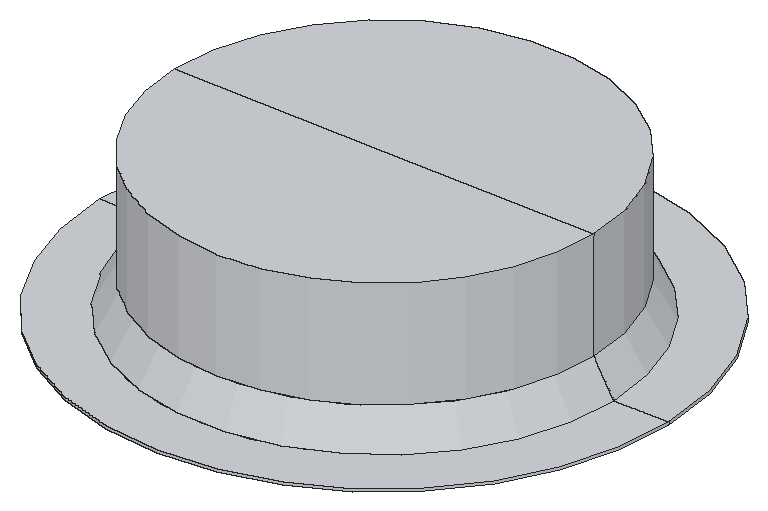
Revit family "Alcon-14008-6-Revit-Family", category Lighting Fixtures, host Ceiling, Revit 2021
Family settings
  Host = Ceiling
  Round Connector Dimension = Use Diameter
  Part Type = Normal
  OmniClass Number = 23.80.70.11
  OmniClass Title = Luminaries for Internal Lighting
  Always vertical = Yes
  Cut with Voids When Loaded = No
  Light Source = Yes
  Shared = No
  Room Calculation Point = No
Parameters (values of type "Type 1")
  Wattage = 9.2903 W
  built-in parameter 1150110 = 1 (stored number, unit not read)
  built-in parameter 1114217 = 1 (stored number, unit not read)
  Tilt Angle = 60.00°
  built-in parameter 1150109 = 1 (stored number, unit not read)
  built-in parameter 1150134 = (empty or 0)
  built-in parameter 1150113 = 1 (stored number, unit not read)
  built-in parameter 1010507 = 1.5708 (stored number, unit not read)
  built-in parameter 1010506 = 0.5236 (stored number, unit not read)
  Product Identity = "Alcon Lighting 14008-6"
  Manufacturer = "Alcon Light"
  Lumens = 1380 lm
  built-in parameter 1150115 = 1 (stored number, unit not read)
  built-in parameter 1150105 = 4614.1 (stored number, unit not read)
  Link To Product Page = "https://www.alconlighting.com/escala-14008-6.html"
  LightSource = none
  Light Source Symbol Length = 10' - 0"
  built-in parameter 1150137 = (empty or 0)
  built-in parameter 1150139 = (empty or 0)
  Lens = none
  built-in parameter 1150112 = 1 (stored number, unit not read)
  built-in parameter 1150114 = 1 (stored number, unit not read)
  built-in parameter 1150132 = 2
  built-in parameter 1150102 = (empty or 0)
  built-in parameter 1150138 = (empty or 0)
  built-in parameter 1150107 = 3000 (stored number, unit not read)
  built-in parameter 1150106 = 46.141 (stored number, unit not read)
  Housing = none
  built-in parameter 1150104 = 13.8 (stored number, unit not read)
  Dimming Lamp Color Temperature Shift = <None>
  Default Elevation = 0' - 0"
  Color Filter = 16777215
  built-in parameter 1114218 = 1 (stored number, unit not read)
  built-in parameter 1150133 = 10 (stored number, unit not read)
Reference planes (in)
  plane 1 "Light Source Axis (F/B)": y = 0
  plane 2: z = 0
  plane 3 "Light Source Axis (L/R)": x = 0
  plane 4 "Ceiling": z = 157.79911
  plane 5 "Light Source Elevation": z = 157.10531
Forms (in)
  Revolve 1, solid, material <- "Housing"
    sketch origin (0, 0, 0) x (1, 0, 0) y (0, 0, 1)
      loop
        line (-3.68, 157.44826) -> (-3.46281, 157.35531) -> (-2.89202, 157.35531) -> (-2.59055, 157.87747) -> (-2.59055, 158.57398) -> (0, 158.57398) -> (0, 159.32531) -> (-2.71515, 159.32531) -> (-2.71515, 157.91333) -> (-2.96515, 157.48031) -> (-3.68, 157.48031) -> (-3.68, 157.44826)
      axis (0, 159.32531) -> (0, 157.35531)
    angle from 0 to 360
  Extrusion 2, solid, material <- "Lens"
    sketch origin (0, 0, 157.10531) x (-1, 0, 0) y (0, -1, 0)
      loop
        circle (0, 0) r 2.59055
    from 0.77216 to 0.80801
  Extrusion 3, solid, material <- "LightSource"
    sketch origin (0, 0, 157.10531) x (-1, 0, 0) y (0, -1, 0)
      loop
        circle (0, 0) r 2.59055
    from 1.36456 to 1.46866
  Extrusion 4, void
    sketch origin (0, 0, 157.79911) x (0, 1, 0) y (-1, 0, 0)
      loop
        circle (0, 0) r 2.89202
    from -0.44379 to 1.52621
Dimensions and locks (in)
  equal spacing: host sketch curve, plane 3 "Light Source Axis (L/R)", host sketch curve
  equal spacing: host sketch curve, plane 1 "Light Source Axis (F/B)", host sketch curve
  host sketch curve to host sketch curve = 13' - 1.48031"  (x2)
  host ceiling to plane 4 "Ceiling" = 0' - 0.31879"
  Revolve 1 to Revolve 1 = 0' - 7.36"
  Revolve 1 to Revolve 1 = 0' - 1.97"
  aligned and locked: plane 1 "Light Source Axis (F/B)" to imposter light
